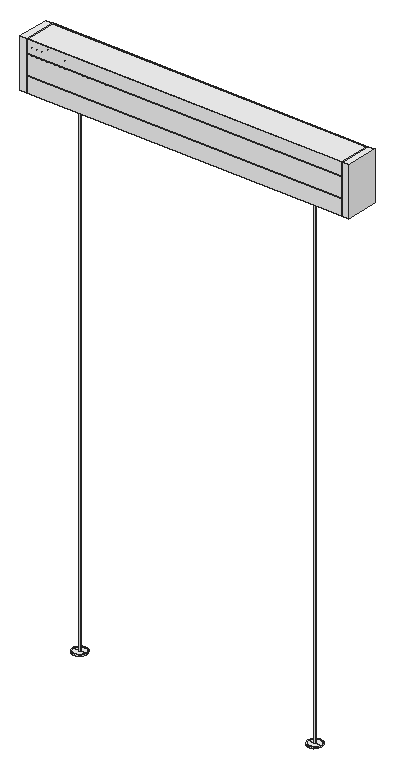
Revit family "2.3 inch  MAGIC WALL WASH LINEAR LIGHT", category Lighting Fixtures, host Face, Revit 2020 (continued)
Types (17): name | Wattage Comments | Wattage | Wall Mount | Suspenders Distance | Surface Mount | Recessed Mount | Photometric Web File | Pendent Mount | Order number | built-in parameter 1150142 | Model | built-in parameter 1150105 | Lumens | Light Source Height | Light Source Distance | built-in parameter 1150106 | Fixture Length
    .59     4.58     4.56     4.55     4.53     4.51     \r\n 4.49     4.47     4.46     4.45     4.43     4.41     4.38     4.36     4.34     4.32     \r\n 4.30     4.27     4.24     4.22     4.21     4.19     4.16     4.12     4.08     4.05     \r\n 4.26     \r\n1793.11  1778.94  1764.79  1749.53  1734.21  1719.02  1703.85  1688.51  1673.16  1657.68  \r\n 1642.14  1625.83  1609.13  1591.99  1574.54  1556.74  1538.60  1520.33  1501.89  1483.16  \r\n 1463.91  1444.87  1426.30  1407.48  1387.76  1368.04  1348.20  1328.38  1308.67  1288.97  \r\n 1270.01  1251.06  1231.96  1212.86  1195.48  1178.41  1160.24  1141.75  1124.66  1108.20  \r\n 1092.04  1076.07  1060.60  1045.61  1030.83  1016.29  1002.05  988.38   974.68   960.87   \r\n 947.26   934.43   921.66   909.23   896.81   885.04   873.28   861.67   850.09   839.16   \r\n 828.35   817.59   806.89   796.60   786.54   776.35   766.05   756.13   746.69   737.26   \r\n 727.85   718.51   709.34   700.24   691.46   682.69   673.85   665.03   656.43   647.87   \r\n 639.68   631.59   623.51   615.46   607.43   599.41   591.38   583.31   575.45   568.07   \r\n 560.69   553.20   545.70   537.24   528.80   520.55   512.34   504.08   495.81   487.75   \r\n 479.84   471.96   464.07   456.23   448.51   440.82   433.37   425.95   418.49   411.05   \r\n 403.73   396.48   389.29   382.17   375.13   368.29   361.49   354.46   347.48   340.72   \r\n 334.05   327.41   320.80   314.23   307.82   301.46   295.19   288.98   282.71   276.39   \r\n 270.21   264.40   258.40   251.69   245.00   238.45   232.05   225.71   219.41   213.16   \r\n 207.03   201.04   195.11   189.28   183.51   177.84   172.28   166.79   161.37   156.03   \r\n 150.76   145.66   139.97   134.37   128.81   123.33   117.95   112.67   107.51   102.43   \r\n 97.45    92.58    87.81    83.14    78.42    73.76    69.19    64.69    60.26    55.91    \r\n 51.62    47.39    43.21    39.33    35.50    31.71    27.93    24.18    20.44    16.71    \r\n 12.98    11.38    9.78     8.19     6.61     5.04     3.50     1.97     0.57     0.58     \r\n 0.60     0.62     0.63     0.65     0.67     0.69     0.72     0.74     0.76     0.79     \r\n 0.82     0.84     0.88     0.91     0.94     0.98     1.01     1.04     1.07     1.11     \r\n 1.15     1.19     1.23     1.28     1.33     1.37     1.42     1.46     1.50     1.54     \r\n 1.58     1.63     1.68     1.72     1.78     1.83     1.88     1.93     1.98     2.02     \r\n 2.06     2.11     2.16     2.20     2.25     2.30     2.34     2.39     2.44     2.48     \r\n 2.53     2.58     2.63     2.68     2.72     2.77     2.82     2.87     2.91     2.96     \r\n 3.02     3.07     3.12     3.17     3.21     3.26     3.31     3.35     3.40     3.44     \r\n 3.49     3.54     3.59     3.63     3.68     3.74     3.79     3.82     3.85     3.89     \r\n 3.94     3.97     3.99     4.02     4.05     4.09     4.12     4.15     4.19     4.22     \r\n 4.25     4.29     4.32     4.34     4.37     4.39     4.41     4.44     4.46     4.48     \r\n 4.50     4.52     4.54     4.56     4.58     4.60     4.62     4.63     4.64     4.66     \r\n 4.68     4.69     4.70     4.70     4.70     4.71     4.71     4.72     4.72     4.73     \r\n 4.73     4.73     4.73     4.73     4.74     4.74     4.74     4.74     4.74     4.74     \r\n 4.74     4.73     4.72     4.71     4.71     4.71     4.70     4.69     4.69     4.68     \r\n 4.66     4.64     4.63     4.62     4.60     4.59     4.58     4.56     4.54     4.53     \r\n 4.51     4.48     4.47     4.46     4.44     4.42     4.39     4.37     4.35     4.33     \r\n 4.31     4.28     4.25     4.23     4.21     4.19     4.17     4.13     4.09     4.05     \r\n 4.26     \r\n1793.11  1778.79  1764.48  1748.99  1733.48  1718.12  1702.77  1687.21  1671.64  1655.94  \r\n 1640.22  1623.42  1606.45  1588.81  1571.04  1552.71  1534.24  1515.51  1496.70  1477.24  \r\n 1457.54  1438.41  1419.51  1399.76  1379.57  1359.34  1339.08  1318.92  1298.84  1279.17  \r\n 1259.83  1240.37  1220.83  1202.40  1185.10  1166.99  1147.96  1129.88  1113.07  1096.49  \r\n 1080.26  1064.31  1048.87  1033.67  1018.94  1004.41  990.39   976.34   962.21   948.29   \r\n 935.13   922.07   909.45   896.90   884.83   872.77   860.86   849.01   838.04   827.07   \r\n 815.85   804.66   794.33   784.02   773.60   763.16   753.32   743.57   733.93   724.31   \r\n 714.77   705.25   696.06   686.99   677.86   668.70   659.70   650.79   642.23   633.90   \r\n 625.50   617.04   608.68   600.40   592.14   583.89   575.76   567.85   559.98   552.16   \r\n 544.36   536.61   528.91   521.37   513.84   506.29   498.77   491.48   484.20   476.87   \r\n 469.56   462.39   455.25   448.40   441.60   434.68   427.76   420.94   414.17   407.48   \r\n 400.84   394.34   387.98   381.51   374.88   367.60   360.47   353.38   346.42   339.45   \r\n 332.43   325.45   318.59   311.77   304.86   297.95   291.42   285.04   278.38   271.54   \r\n 264.77   258.10   251.54   245.20   238.92   232.91   226.93   220.94   215.00   209.19   \r\n 203.46   197.81   192.23   186.68   181.05   175.47   170.17   164.64   158.88   153.25   \r\n 147.64   141.65   135.82   130.40   125.23   120.20   115.39   110.66   106.02   101.47   \r\n 97.03    92.16    87.17    82.29    77.58    72.99    68.50    64.13    59.92    55.73    \r\n 51.53    47.41    43.37    39.41    35.53    31.74    28.03    24.35    20.70    17.07    \r\n 13.45    11.02    8.59     6.19     3.81     1.48     0.70     0.66     0.63     0.61     \r\n 0.60     0.60     0.61     0.63     0.65     0.67     0.69     0.72     0.75     0.78     \r\n 0.81     0.83     0.86     0.90     0.94     0.97     1.01     1.05     1.09     1.13     \r\n 1.17     1.22     1.26     1.31     1.34     1.38     1.42     1.46     1.50     1.53     \r\n 1.58     1.62     1.66     1.70     1.75     1.79     1.84     1.88     1.92     1.96     \r\n 2.01     2.06     2.12     2.17     2.21     2.26     2.31     2.36     2.41     2.46     \r\n 2.51     2.56     2.61     2.66     2.71     2.76     2.82     2.87     2.92     2.96     \r\n 3.00     3.05     3.10     3.15     3.20     3.25     3.30     3.35     3.39     3.43     \r\n 3.48     3.52     3.56     3.61     3.65     3.70     3.74     3.79     3.84     3.87     \r\n 3.90     3.94     3.98     4.02     4.05     4.08     4.11     4.14     4.18     4.21     \r\n 4.25     4.28     4.31     4.34     4.37     4.40     4.42     4.44     4.47     4.49     \r\n 4.51     4.53     4.55     4.57     4.59     4.61     4.63     4.65     4.66     4.67     \r\n 4.69     4.70     4.72     4.73     4.73     4.73     4.73     4.74     4.74     4.74     \r\n 4.74     4.75     4.75     4.75     4.75     4.75     4.75     4.75     4.75     4.75     \r\n 4.75     4.75     4.74     4.73     4.72     4.72     4.71     4.70     4.69     4.69     \r\n 4.68     4.66     4.64     4.63     4.61     4.60     4.59     4.57     4.56     4.54     \r\n 4.52     4.49     4.47     4.46     4.45     4.43     4.40     4.38     4.35     4.34     \r\n 4.31     4.28     4.25     4.23     4.21     4.19     4.17     4.13     4.09     4.06     \r\n 4.26     \r\n1793.11  1778.75  1764.39  1748.81  1733.22  1717.81  1702.40  1686.73  1671.06  1655.28  \r\n 1639.50  1622.43  1605.31  1587.37  1569.41  1550.78  1532.12  1513.09  1494.05  1474.11  \r\n 1454.13  1434.99  1415.92  1395.53  1375.03  1354.50  1333.98  1313.66  1293.36  1273.70  \r\n 1254.13  1234.32  1214.49  1196.81  1179.42  1160.27  1140.87  1123.50  1106.47  1090.03  \r\n 1073.70  1057.85  1042.11  1027.17  1012.38  998.03   983.79   969.47   955.14   941.59   \r\n 928.23   915.40   902.70   890.35   878.09   865.94   853.82   842.55   831.53   820.09   \r\n 808.51   797.78   787.34   776.89   766.42   756.32   746.35   736.56   726.84   717.09   \r\n 707.31   697.89   688.63   679.29   669.92   660.69   651.54   642.85   634.39   625.74   \r\n 616.99   608.45   600.03   591.68   583.36   575.03   566.69   558.54   550.51   542.49   \r\n 534.47   526.57   518.77   511.01   503.28   495.66   488.12   480.52   472.86   465.30   \r\n 457.86   450.62   443.61   436.45   429.13   421.94   414.93   407.90   400.86   393.89   \r\n 387.02   380.18   373.38   366.56   359.71   352.99   346.56   340.07   333.47   326.91   \r\n 320.48   314.02   307.45   301.00   294.99   288.89   282.34   275.81   269.37   262.94   \r\n 256.74   250.56   244.73   238.92   233.03   227.15   221.38   215.65   210.06   204.50   \r\n 198.95   193.40   188.07   182.81   177.54   171.60   165.67   159.71   153.93   148.32   \r\n 142.77   137.33   131.92   126.53   121.22   116.07   110.97   106.05   101.19   96.43    \r\n 91.76    87.27    82.92    78.59    74.06    69.65    65.48    61.47    57.66    54.06    \r\n 50.65    46.54    42.58    38.80    35.23    31.55    27.94    24.46    20.92    17.37    \r\n 13.85    9.83     5.83     2.82     1.87     1.07     0.55     0.53     0.53     0.53     \r\n 0.54     0.57     0.61     0.64     0.66     0.69     0.72     0.75     0.78     0.80     \r\n 0.82     0.85     0.88     0.91     0.94     0.97     1.01     1.04     1.07     1.11     \r\n 1.14     1.18     1.22     1.26     1.30     1.34     1.38     1.42     1.46     1.50     \r\n 1.54     1.58     1.63     1.67     1.71     1.76     1.81     1.86     1.91     1.96     \r\n 2.00     2.05     2.09     2.14     2.20     2.26     2.30     2.34     2.39     2.44     \r\n 2.49     2.54     2.59     2.64     2.69     2.74     2.79     2.84     2.89     2.94     \r\n 2.99     3.04     3.09     3.13     3.18     3.24     3.28     3.33     3.38     3.43     \r\n 3.48     3.52     3.57     3.61     3.65     3.69     3.74     3.78     3.83     3.87     \r\n 3.91     3.95     3.98     4.02     4.06     4.09     4.13     4.16     4.20     4.23     \r\n 4.26     4.30     4.33     4.36     4.39     4.42     4.44     4.46     4.49     4.51     \r\n 4.54     4.56     4.58     4.60     4.62     4.63     4.65     4.67     4.69     4.70     \r\n 4.71     4.73     4.74     4.75     4.75     4.75     4.76     4.76     4.76     4.76     \r\n 4.76     4.76     4.76     4.76     4.76     4.76     4.76     4.76     4.76     4.76     \r\n 4.76     4.76     4.75     4.74     4.72     4.72     4.72     4.71     4.70     4.70     \r\n 4.69     4.67     4.65     4.63     4.62     4.61     4.59     4.58     4.56     4.54     \r\n 4.52     4.50     4.48     4.47     4.45     4.43     4.41     4.38     4.36     4.34     \r\n 4.32     4.29     4.26     4.23     4.21     4.20     4.18     4.13     4.09     4.06     \r\n 4.26     \r\n1793.11  1778.82  1764.52  1748.98  1733.44  1718.09  1702.74  1687.08  1671.43  1655.71  \r\n 1640.00  1622.86  1605.72  1587.71  1569.69  1550.97  1532.26  1513.13  1494.00  1473.87  \r\n 1453.74  1434.65  1415.56  1394.90  1374.23  1353.61  1332.98  1312.63  1292.29  1272.63  \r\n 1252.98  1233.03  1213.08  1195.75  1178.42  1158.79  1139.16  1122.07  1104.97  1088.66  \r\n 1072.36  1056.44  1040.52  1025.81  1011.09  996.75   982.40   968.00   953.61   940.16   \r\n 926.71   914.06   901.41   889.08   876.75   864.55   852.34   841.38   830.43   818.59   \r\n 806.75   796.28   785.82   775.44   765.06   754.99   744.92   735.21   725.49   715.58   \r\n 705.67   696.32   686.96   677.49   668.01   658.74   649.47   640.99   632.51   623.58   \r\n 614.65   606.20   597.75   589.48   581.21   572.56   563.91   555.80   547.68   539.52   \r\n 531.35   523.39   515.44   507.66   499.88   492.23   484.58   476.70   468.83   461.22   \r\n 453.62   446.53   439.44   431.88   424.31   417.20   410.09   402.80   395.52   388.31   \r\n 381.10   374.29   367.49   360.21   352.92   346.30   339.68   332.80   325.93   319.26   \r\n 312.59   305.71   298.83   292.51   286.20   279.53   272.87   266.53   260.19   253.73   \r\n 247.26   240.90   234.54   228.36   222.18   215.87   209.56   203.59   197.61   191.66   \r\n 185.71   179.79   173.87   168.04   162.20   156.22   150.24   144.25   138.26   132.81   \r\n 127.35   122.07   116.79   111.52   106.24   101.10   95.95    90.98    86.02    81.22    \r\n 76.43    71.74    67.04    62.60    58.15    53.82    49.49    45.36    41.24    37.27    \r\n 33.30    29.51    25.71    22.14    18.57    15.17    11.76    8.37     4.98     3.16     \r\n 1.34     1.54     1.34     1.34     1.34     1.35     1.35     1.36     1.37     1.39     \r\n 1.41     1.43     1.46     1.48     1.51     1.54     1.58     1.60     1.63     1.66     \r\n 1.70     1.73     1.76     1.79     1.83     1.87     1.91     1.95     1.99     2.03     \r\n 2.07     2.12     2.16     2.21     2.26     2.30     2.35     2.40     2.44     2.50     \r\n 2.55     2.60     2.64     2.70     2.76     2.81     2.87     2.92     2.97     3.02     \r\n 3.08     3.14     3.19     3.25     3.30     3.36     3.41     3.47     3.53     3.58     \r\n 3.63     3.70     3.76     3.81     3.86     3.91     3.97     4.02     4.08     4.13     \r\n 4.19     4.24     4.30     4.35     4.41     4.46     4.52     4.57     4.62     4.68     \r\n 4.73     4.78     4.83     4.88     4.93     4.97     5.02     5.07     5.11     5.16     \r\n 5.21     5.25     5.29     5.33     5.37     5.41     5.45     5.49     5.53     5.56     \r\n 5.59     5.63     5.67     5.70     5.73     5.76     5.78     5.81     5.84     5.85     \r\n 5.87     5.88     5.90     5.90     5.90     5.90     5.90     5.90     5.90     5.90     \r\n 5.90     5.90     5.90     5.90     5.90     5.90     5.90     5.90     5.90     5.89     \r\n 5.89     5.89     5.89     5.89     5.90     5.87     5.85     5.84     5.83     5.80     \r\n 5.76     5.75     5.73     5.69     5.66     5.62     5.59     5.56     5.54     5.51     \r\n 5.47     5.44     5.41     5.36     5.31     5.27     5.24     5.20     5.16     5.13     \r\n 5.09     5.06     5.02     4.98     4.94     4.91     4.87     4.83     4.79     4.75     \r\n 4.70     4.66     4.62     4.58     4.54     4.50     4.47     4.42     4.38     4.32     \r\n 4.26     \r\n1793.11  1778.61  1764.11  1748.38  1732.64  1717.09  1701.55  1685.69  1669.83  1653.89  \r\n 1637.95  1620.68  1603.35  1585.22  1567.06  1548.23  1529.36  1510.11  1490.84  1470.63  \r\n 1450.36  1430.99  1411.69  1391.05  1370.30  1349.57  1328.85  1308.43  1288.05  1268.27  \r\n 1248.56  1228.63  1208.68  1190.93  1173.50  1154.31  1134.88  1117.42  1100.29  1083.85  \r\n 1067.54  1051.63  1035.81  1020.89  1006.16  991.70   977.29   962.94   948.61   935.07   \r\n 921.74   908.96   896.33   883.95   871.64   859.45   847.31   835.97   824.88   813.40   \r\n 801.81   791.02   780.50   770.06   759.65   749.52   739.50   729.65   719.87   710.09   \r\n 700.31   690.82   681.45   672.09   662.75   653.44   644.13   635.35   626.83   618.09   \r\n 609.23   600.62   592.16   583.82   575.55   567.07   558.45   550.16   542.08   534.02   \r\n 525.98   518.00   510.08   502.24   494.47   486.77   479.14   471.47   463.77   456.08   \r\n 448.38   441.05   434.12   426.95   419.48   412.15   404.99   397.84   390.71   383.59   \r\n 376.48   369.47   362.62   355.75   348.84   342.02   335.35   328.66   321.96   315.30   \r\n 308.75   302.12   295.20   288.32   281.61   274.93   268.45   262.01   255.79   249.56   \r\n 243.19   236.85   230.75   224.66   218.57   212.47   206.42   200.37   194.49   188.64   \r\n 182.84   177.07   171.36   165.69   160.07   154.13   148.28   142.50   136.77   131.08   \r\n 125.49   120.03   114.58   109.16   103.80   98.61    93.45    88.41    83.42    78.58    \r\n 73.81    69.19    64.68    60.17    55.35    50.60    46.06    41.60    37.26    33.05    \r\n 28.95    24.01    19.06    14.12    9.32     6.94     5.58     4.51     4.32     4.48     \r\n 4.64     4.77     4.89     5.01     5.13     5.24     5.31     5.30     5.28     5.26     \r\n 5.24     5.20     5.16     5.13     5.09     5.05     5.01     4.98     4.79     4.58     \r\n 4.39     4.21     4.04     3.89     3.75     3.61     3.48     3.37     3.26     3.16     \r\n 3.06     2.98     2.90     2.82     2.76     2.70     2.64     2.63     2.63     2.64     \r\n 2.67     2.69     2.70     2.71     2.75     2.78     2.81     2.83     2.87     2.90     \r\n 2.95     3.00     3.04     3.08     3.13     3.18     3.23     3.28     3.35     3.41     \r\n 3.46     3.51     3.56     3.61     3.68     3.75     3.80     3.85     3.90   
